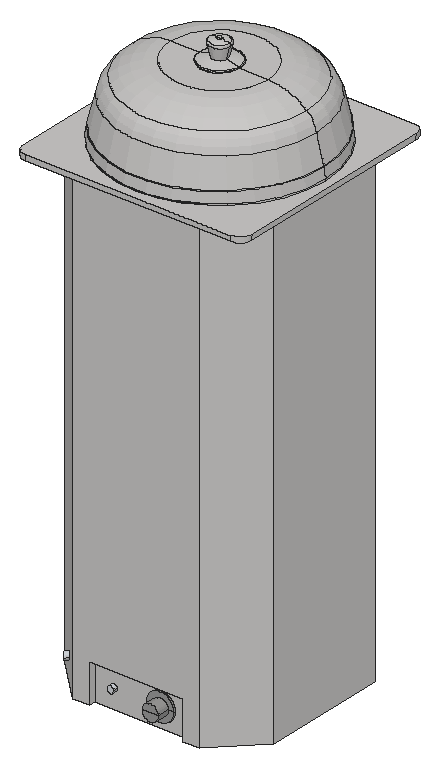
Revit family "QF_BOURGEAT_silo_encastrable_modele_rond_assiettes260", category Equipement spécialisé, Revit 2015
Parameters (values of type "silo_rond_assiettes260_neutre")
  prof_const = 325 mm
  larg_const = 325 mm
  diag_const = 369 mm
  URL catalogue = "http://www.bourgeat.fr"
  URL = ""
  Type de Raccord Electrique = ""
  Type article = ""
  Tension = 0 V
  Spécification du Fabricant = "SILO A NIVEAU CONSTANT ENCASTRABLE"
  Remarques Electricité = ""
  Puissance électrique  = 0 W
  Profondeur hors tout = 355 mm
  Poids net à vide = 9.00 kg
  Phase = 0
  Modèle = "777432"
  Longueur hors tout = 355 mm
  Intensité nominale = 0 A
  Indice de protection = "0"
  Hauteur hors tout = 883 mm
  Fréquence = 0 Hz
  Fabricant = "BOURGEAT"
  Contact SAV = "0033(0)4.76.32.14.44"
  Charge max = 70.00 kg
Types (3, lengths in mm): name | Tension | Puissance électrique  | Phase | Modèle | Intensité nominale | Indice de protection | Fréquence
  (no name) | 0 V | 0 W | 0 | "777432" | 0 A | "0" | 0 Hz
  silo_rond_assiettes260_chauffant_non_ventile | 230 V | 900 W | 2 | "777431" | 3.91304 A | "21" | 50 Hz
  silo_rond_assiettes260_neutre | 0 V | 0 W | 0 | "777432" | 0 A | "0" | 0 Hz
Reference planes
  plane 1 "Centre (avant/arrière)": y = 0
  plane 2: z = 0
  plane 3 "Centre (gauche/droite)": x = 0
  plane 4: x = 162.5
  plane 5: x = -162.5
  plane 6: y = 162.5
  plane 7: y = -162.5
  plane 8: through (-130.461, -130.461, 1200) normal (-0.7071, -0.7071, 0)
  plane 9: through (130.461, 130.461, 1200) normal (0.7071, 0.7071, 0)
  plane 10: through (-130.461, 130.461, 1200) normal (-0.7071, 0.7071, 0)
  plane 11: through (130.461, -130.461, 1200) normal (0.7071, -0.7071, 0)
  plane 12: z = 734
  plane 13: z = 742
  plane 14: y = 177.5
  plane 15: y = -177.5
  plane 16: x = -177.5
  plane 17: x = 177.5
  plane 18: x = 72.5
  plane 19: x = -72.5
  plane 20: z = 60
  plane 21: y = -152.5
  plane 22: z = 882.998
  plane 23: through (0, 0, 1200) normal (-0.7071, 0.7071, 0)
  plane 24: through (0, 0, 1200) normal (-0.7071, -0.7071, 0)
Forms (mm)
  Extrusion 1, solid, material "Acier inoxydable, brossé"
    sketch origin (0, 0, 0) x (1, 0, 0) y (0, 1, 0)
      loop
        line (-98.422, 162.5) -> (-162.5, 98.422) -> (-162.5, -98.422) -> (-98.422, -162.5) -> (98.422, -162.5) -> (162.5, -98.422) -> (162.5, 98.422) -> (98.422, 162.5) -> (-98.422, 162.5)
    from 0 to 734
  Extrusion 2, void
    sketch origin (0, 0, 0) x (1, 0, 0) y (0, 0, 1)
      loop
        line (-72.5, 60) -> (-72.5, 0) -> (72.5, 0) -> (72.5, 60) -> (-72.5, 60)
    from 152.5 to 250
  Extrusion 3, solid
    sketch origin (0, 0, 0) x (1, 0, 0) y (0, 0, 1)
      loop
        circle (-42.623, 30.5) r 5
    from 152.5 to 158.679
  Extrusion 4, solid, material "Acier inoxydable, brossé"
    sketch origin (0, 0, 0) x (1, 0, 0) y (0, 1, 0)
      loop
        arc (-159.5, 177.5) -> (-172.228, 172.228) -> (-177.5, 159.5) r 18
        line (-177.5, 159.5) -> (-177.5, -159.5)
        arc (-177.5, -159.5) -> (-172.228, -172.228) -> (-159.5, -177.5) r 18
        line (-159.5, -177.5) -> (159.5, -177.5)
        arc (159.5, -177.5) -> (172.228, -172.228) -> (177.5, -159.5) r 18
        line (177.5, -159.5) -> (177.5, 159.5)
        arc (177.5, 159.5) -> (172.228, 172.228) -> (159.5, 177.5) r 18
        line (159.5, 177.5) -> (-159.5, 177.5)
    from 734 to 742
Cuts and joins
  Extrusion 2 cuts Extrusion 1
Dimensions and locks
  "larg_const": plane 5 to plane 4
  "prof_const": plane 6 to plane 7
  plane 10 to plane 23 to plane 11 = 184.5 mm, 184.5 mm
  plane 9 to plane 24 to plane 8 = 184.5 mm, 184.5 mm
  equal spacing: plane 5, plane 3 "Centre (gauche/droite)", plane 4
  equal spacing: plane 6, plane 1 "Centre (avant/arrière)", plane 7
  plane 14 to plane 1 "Centre (avant/arrière)" to plane 15 = 177.5 mm, 177.5 mm
  plane 16 to plane 3 "Centre (gauche/droite)" to plane 17 = 177.5 mm, 177.5 mm
  plane 21 to plane 15 = 25 mm
  plane 22 to plane 2 = 882.998 mm
  aligned and locked: level to plane 2
  aligned and locked: plane 12 to Extrusion 1
  aligned and locked: Extrusion 2 sketch curve to plane 20
  aligned and locked: Extrusion 2 sketch curve to plane 19
  aligned and locked: plane 2 to Extrusion 2 sketch curve
  aligned and locked: Extrusion 2 sketch curve to plane 18
  aligned and locked: plane 21 to cut or joined group of Extrusion 1, Extrusion 2
  aligned and locked: cut or joined group of Extrusion 1, Extrusion 2 to Extrusion 3
  aligned and locked: plane 10 to Extrusion 1 sketch curve
  aligned and locked: plane 6 to Extrusion 1 sketch curve
  aligned and locked: plane 9 to Extrusion 1 sketch curve
  aligned and locked: plane 4 to Extrusion 1 sketch curve
  aligned and locked: plane 11 to Extrusion 1 sketch curve
  aligned and locked: plane 7 to Extrusion 1 sketch curve
  aligned and locked: plane 5 to Extrusion 1 sketch curve
  aligned and locked: plane 8 to Extrusion 1 sketch curve
  aligned and locked: plane 21 to nested 2
  aligned and locked: Extrusion 4 sketch curve to plane 14
  aligned and locked: Extrusion 4 sketch curve to plane 16
  aligned and locked: Extrusion 4 sketch curve to plane 15
  aligned and locked: Extrusion 4 sketch curve to plane 17
  aligned and locked: plane 13 to Extrusion 4
  aligned and locked: Extrusion 4 to plane 12
Automatic sketch dimensions
  Extrusion 3 sketch curve to plane 19 = 29.877 mm
  Extrusion 3 sketch curve to plane 20 = 29.5 mm
  Extrusion 4 sketch curve to plane 5 = 3 mm  (x2)
  Extrusion 4 sketch curve to plane 4 = 3 mm  (x2)
  radius of Extrusion 3 sketch curve = 5 mm
Nested families
  nested 1: "couvercle_rond" at (0, 0, -156), type "couvercle_rond"
  nested 2: "bouton_rond" at (31, -152.5, 30.5) x (-1, 0, 0) z (0, 0, 1), type "bouton_rond"
  nested 3: "Famille3" at (-130.461, -130.461, 35) x (0.7071, -0.7071, 0) z (-0.7071, -0.7071, 0), type "Famille3"
Connectors
  electrical at (-134.683, -134.683, 35), driven by "Tension"
    settings: on nested 3, index 1, voltage 0 V, apparent load 0 VA, apparent load phase1 900 VA, apparent load phase2 0 VA, apparent load phase3 0 VA, power factor 1, load classification "Autre", number of poles 1, system type 30, power factor state 1, is connector primary yes, connector utility no, sub classification motor no, connector description ""
Definition of nested family "couvercle_rond"
  Parameters (values of type "couvercle_rond")
    diametre = 328 mm
    Profondeur_hors_tout = 505 mm
    Largeur_hors_tout = 442 mm
  Reference planes
    plane 1 "Centre (avant/arrière)": y = 0
    plane 2: z = 0
    plane 3 "Centre (gauche/droite)": x = 0
    plane 4: x = 252.5
    plane 5: x = -252.5
    plane 6: y = 221
    plane 7: y = -221
    plane 8: z = 165
    plane 9: z = 898
    plane 10: z = 845
    plane 11: z = 186.5
    plane 12: z = 1048
    plane 13: x = -164
    plane 14: x = 164
    plane 15: z = 1008
    plane 16: x = 150
    plane 17: x = 75
    plane 18: x = -75
    plane 19: z = 926
    plane 20: x = -75.5
    plane 21: x = 31
    plane 22: x = -31
  Forms (mm)
    Revolve 1, solid
      sketch origin (0, 0, 0) x (1, 0, 0) y (0, 0, 1)
        loop
          line (-164, 898) -> (0, 898) -> (0, 1008) -> (-75.5, 1008)
          arc (-75.5, 1008) -> (-107.639, 1002.136) -> (-135.636, 985.299) r 91
          arc (-135.636, 985.299) -> (-145.31, 973.76) -> (-151.11, 959.864) r 50
          line (-151.11, 959.864) -> (-161.681, 917.448)
          arc (-161.681, 917.448) -> (-161.919, 916.93) -> (-162, 916.365) r 2
          line (-162, 916.365) -> (-164, 900.205) -> (-164, 898)
        axis (0, 898) -> (0, 1008)
      angle from 0 to 360
    Revolve 2, solid
      sketch origin (0, 0, -9) x (1, 0, 0) y (0, 0, 1)
        loop
          line (0, 1048) -> (-5, 1048)
          arc (-5, 1048) -> (-10.071, 1047.323) -> (-14.787, 1045.338) r 19.326
          arc (-14.787, 1045.338) -> (-16.044, 1043.889) -> (-16.166, 1041.975) r 3
          line (-16.166, 1041.975) -> (-11.137, 1023.206) -> (-30.225, 1018.799)
          arc (-30.225, 1018.799) -> (-30.783, 1018.447) -> (-31, 1017.825) r 1
          line (-31, 1017.825) -> (-31, 1017) -> (0, 1017) -> (0, 1048)
        axis (0, 1048) -> (0, 1017)
      angle from 0 to 360
  Dimensions and locks
    equal spacing: plane 6, plane 1 "Centre (avant/arrière)", plane 7
    "Largeur_hors_tout": plane 6 to plane 7
    "Profondeur_hors_tout": plane 5 to plane 4
    equal spacing: plane 5, plane 3 "Centre (gauche/droite)", plane 4
    equal spacing: plane 13, plane 3 "Centre (gauche/droite)", plane 14
    plane 15 to plane 9 = 110 mm
    "diametre": plane 13 to plane 14
    aligned and locked: level to plane 2
    aligned and locked: Revolve 1 sketch curve to plane 15
    aligned and locked: Revolve 2 to plane 15
  Automatic sketch dimensions
    plane 15 to Revolve 2 sketch curve = 0 mm
    plane 22 to Revolve 2 sketch curve = 0 mm
    Revolve 2 sketch curve to plane 12 = 9 mm
    Revolve 2 sketch curve to plane 3 "Centre (gauche/droite)" = 0 mm  (x2)
    Revolve 2 sketch curve to plane 22 = 0.775 mm
    Revolve 2 sketch curve to Revolve 2 sketch curve = 0.225 mm
    Revolve 2 sketch curve to plane 12 = 15.025 mm
    Revolve 2 sketch curve to plane 22 = 14.834 mm
    Revolve 2 sketch curve to Revolve 2 sketch curve = 2.898 mm
    Revolve 2 sketch curve to plane 3 "Centre (gauche/droite)" = 11.137 mm
    Revolve 2 sketch curve to plane 3 "Centre (gauche/droite)" = 5 mm
    plane 15 to Revolve 2 sketch curve = 0.825 mm
    plane 15 to Revolve 2 sketch curve = 6.206 mm
    Revolve 2 sketch curve to Revolve 2 sketch curve = 5.468 mm
    Revolve 2 sketch curve to Revolve 2 sketch curve = 0.776 mm
    Revolve 2 sketch curve to Revolve 2 sketch curve = 5.041 mm
    Revolve 2 sketch curve to plane 12 = 5.041 mm
    plane 13 to Revolve 1 sketch curve = 0 mm
    Revolve 1 sketch curve to plane 20 = 0 mm
    Revolve 1 sketch curve to plane 3 "Centre (gauche/droite)" = 0 mm  (x2)
    Revolve 1 sketch curve to plane 9 = 0 mm
    Revolve 1 sketch curve to plane 13 = 2 mm
    Revolve 1 sketch curve to Revolve 1 sketch curve = 0.319 mm
    Revolve 1 sketch curve to Revolve 1 sketch curve = 1.681 mm
    Revolve 1 sketch curve to plane 13 = 12.89 mm
    plane 9 to Revolve 1 sketch curve = 2.205 mm
    Revolve 1 sketch curve to plane 19 = 9.635 mm
    Revolve 1 sketch curve to plane 19 = 9 mm
    plane 19 to Revolve 1 sketch curve = 21.772 mm
    Revolve 1 sketch curve to Revolve 1 sketch curve = 15.474 mm
    Revolve 1 sketch curve to Revolve 1 sketch curve = 0 mm
    plane 10 to Revolve 1 sketch curve = 20 mm
    plane 12 to Revolve 1 sketch curve = 57 mm
Definition of nested family "bouton_rond"
  Reference planes
    plane 1 "Centre (avant/arrière)": y = 0
    plane 2: z = 0
    plane 3 "Centre (gauche/droite)": x = 0
    plane 4: y = 2
    plane 5: y = 21
    plane 6: x = -21.5
    plane 7: x = -12.5
  Forms (mm)
    Revolve 1, solid
      sketch origin (0, 0, 0) x (1, 0, 0) y (0, 1, 0)
        loop
          line (0, 0) -> (0, 21) -> (-12.5, 21) -> (-12.5, 2) -> (-21.5, 2) -> (-21.5, 0) -> (0, 0)
        axis (0, 21) -> (0, 0)
      angle from 0 to 360
  Dimensions and locks
    aligned and locked: level to plane 2
Definition of nested family "Famille3"
  Parameters (values of type "Famille3")
    Default Elevation = 1219.2 mm
  Reference planes
    plane 1 "Centre (avant/arrière)": y = 0
    plane 2: z = 0
    plane 3 "Centre (gauche/droite)": x = 0
  Forms (mm)
    Extrusion 1, solid
      sketch origin (0, 0, 0) x (1, 0, 0) y (0, 1, 0)
        loop
          line (-1219.2, 1219.2) -> (-1219.2, -1219.2) -> (1219.2, -1219.2) -> (1219.2, 1219.2) -> (-1219.2, 1219.2)
      from 0 to -304.8
    Extrusion 2, solid
      sketch origin (0, 0, 0) x (1, 0, 0) y (0, 1, 0)
        loop
          circle (0, 0) r 5
      from 0 to 5.971
  Dimensions and locks
    aligned and locked: plane 2 to Extrusion 1
    aligned and locked: level to Extrusion 1
